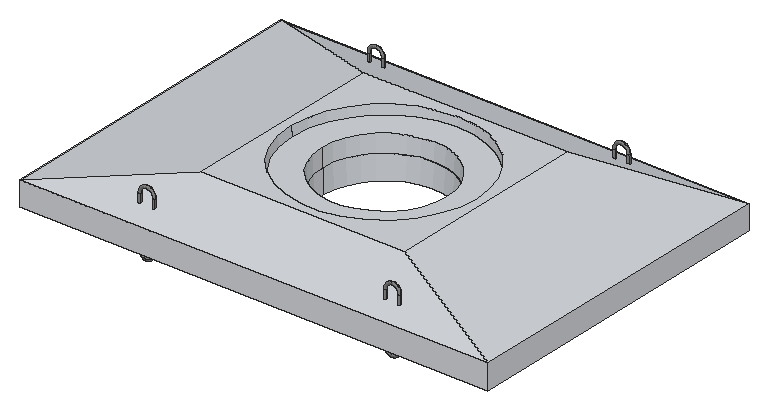
Revit family "110402-00001 Плита разгрузочная для ККСр-3 ОП-1-У", category Обобщенные модели, Revit 2019
Family settings
  Может служить основой для арматурных стержней = Нет
  Размер круглого соединителя = Использовать диаметр
  Тип детали = Нормальный
  На основе рабочей плоскости = Нет
  Всегда вертикально = Да
  При загрузке вырезать с полостями = Нет
  Общий = Нет
  Точка расчета площади = Нет
Parameters (values of type "Плита разгрузочная для ККСр-3 "ОП-1-У" (В25)")
  ADSK_Ширина [instance] = 2300 mm
  ADSK_Ссылка на сайт = "https://www.ssd.ru/plita-razgruzochnaya-dlya-kksr-3-quot-op-1-u-quot-v25"
  ADSK_Сертификат соответствия = "https://www.ssd.ru/upload/iblock/ec0/sert_b25_0221.pdf"
  ADSK_Наименование = "Плита разгрузочная для ККСр-3 \"ОП-1-У\" (В25)"
  ADSK_Масса = "1570"
  ADSK_Марка бетона = "В25"
  ADSK_Марка = "ККСр-3 \"ОП-1-У\" (В25)"
  ADSK_Код изделия = "110402-00097"
  ADSK_Изготовитель = "АО СВЯЗЬСТРОЙДЕТАЛЬ"
  ADSK_Длина1 [instance] = 250 mm
  ADSK_Длина [instance] = 1600 mm
  ADSK_Высота [instance] = 120 mm
Types (3, lengths in mm): name | ADSK_Ссылка на сайт | ADSK_Сертификат соответствия | ADSK_Наименование | ADSK_Марка бетона | ADSK_Марка | ADSK_Код изделия
  (no name) | "https://www.ssd.ru/plita-razgruzochnaya-dlya-kksr-3-quot-op-1-u-quot-v25" | "https://www.ssd.ru/upload/iblock/ec0/sert_b25_0221.pdf" | "Плита разгрузочная для ККСр-3 \"ОП-1-У\" (В25)" | "В25" | "ККСр-3 \"ОП-1-У\" (В25)" | "110402-00097"
  Плита разгрузочная для ККСр-1,ККСр-2 "ОП-1к-У" | "https://www.ssd.ru/plita-opornaya-op-1-u" | "https://www.ssd.ru/upload/iblock/83a/sert_b20_0221.pdf" | "Плита разгрузочная для ККСр-3 \"ОП-1-У\"" | "В20" | "ККСр-3 \"ОП-1-У\"" | "110402-00001"
  Плита разгрузочная для ККСр-3 "ОП-1-У" (В25) | "https://www.ssd.ru/plita-razgruzochnaya-dlya-kksr-3-quot-op-1-u-quot-v25" | "https://www.ssd.ru/upload/iblock/ec0/sert_b25_0221.pdf" | "Плита разгрузочная для ККСр-3 \"ОП-1-У\" (В25)" | "В25" | "ККСр-3 \"ОП-1-У\" (В25)" | "110402-00097"
Reference planes
  plane 1 "По центру (Вперед/Назад)": y = 0
  plane 2: z = 0
  plane 3 "По центру (Влево/Вправо)": x = 0
  plane 4: x = -1150
  plane 5: x = 1150
  plane 6: y = 800
  plane 7: y = -800
  plane 8: z = 120
  plane 9: z = 250
  plane 10: z = 0
  plane 11: z = 205
Forms (mm)
  Extrusion 1, solid
    sketch origin (0, 0, 0) x (1, 0, 0) y (0, 1, 0)
      loop
        line (-1150, 800) -> (-1150, -800) -> (1150, -800) -> (1150, 800) -> (-1150, 800)
    from 0 to 120
  Blend 2, solid
    base sketch origin (0, 0, 0) x (1, 0, 0) y (0, 1, 0)
      loop
        line (-1150, 800) -> (-1150, -800) -> (1150, -800) -> (1150, 800) -> (-1150, 800)
    top sketch origin (0, 0, 0) x (1, 0, 0) y (0, 1, 0)
      loop
        line (500, 500) -> (-500, 500) -> (-500, -500) -> (500, -500) -> (500, 500)
    from 120 to 250
  Blend 3, void
    base sketch origin (0, 0, 0) x (1, 0, 0) y (0, 1, 0)
      loop
        circle (0, 0) r 452.5
    top sketch origin (0, 0, 0) x (1, 0, 0) y (0, 1, 0)
      loop
        circle (0, 0) r 457.5
    from 205 to 250
  Blend 4, void
    base sketch origin (0, 0, 0) x (1, 0, 0) y (0, 1, 0)
      loop
        circle (0, 0) r 300
    top sketch origin (0, 0, 0) x (1, 0, 0) y (0, 1, 0)
      loop
        circle (0, 0) r 310
    from 0 to 250
  Sweep 5, solid, material "Новый материал (по умолчанию)", detail levels fine
    path origin (1609, 0, 0) x (-1, 0, 0) y (0, 0, -1)
      loop
        line (1040, 0) -> (1040, 45)
        arc (1040, 45) -> (1005, 80) -> (970, 45) r 35
        line (970, 45) -> (970, 0)
    profile origin (569, 0, -22.5) x (0, -1, 0) y (1, 0, 0)
      loop
        circle (704, 0) r 6
  Sweep 6, solid, material "Новый материал (по умолчанию)", detail levels fine
    path origin (1609, 0, 0) x (-1, 0, 0) y (0, 0, 1)
      loop
        line (1040, 0) -> (1040, -45)
        arc (1040, -45) -> (1005, -80) -> (970, -45) r 35
        line (970, -45) -> (970, 0)
    profile origin (569, 0, -22.5) x (0, 1, 0) y (-1, 0, 0)
      loop
        circle (704, 0) r 6
  Sweep 7, solid, material "Новый материал (по умолчанию)", detail levels fine
    path origin (-1609, 0, 0) x (1, 0, 0) y (0, 0, -1)
      loop
        line (1040, 0) -> (1040, 45)
        arc (1040, 45) -> (1005, 80) -> (970, 45) r 35
        line (970, 45) -> (970, 0)
    profile origin (-569, 0, -22.5) x (0, -1, 0) y (1, 0, 0)
      loop
        circle (704, 0) r 6
  Sweep 8, solid, material "Новый материал (по умолчанию)", detail levels fine
    path origin (-1609, 0, 0) x (1, 0, 0) y (0, 0, -1)
      loop
        line (1040, 0) -> (1040, 45)
        arc (1040, 45) -> (1005, 80) -> (970, 45) r 35
        line (970, 45) -> (970, 0)
    profile origin (-569, 0, -22.5) x (0, 1, 0) y (-1, 0, 0)
      loop
        circle (704, 0) r 6
  Sweep 9, solid, material "Новый материал (по умолчанию)", detail levels fine
    path origin (1609, 0, 158.292) x (-1, 0, 0) y (0, 0, 1)
      loop
        line (1040, 0) -> (1040, 45)
        arc (1040, 45) -> (1005, 80) -> (970, 45) r 35
        line (970, 45) -> (970, 0)
    profile origin (569, 0, 180.792) x (1, 0, 0) y (0, 1, 0)
      loop
        circle (0, 704) r 6
  Sweep 10, solid, material "Новый материал (по умолчанию)", detail levels fine
    path origin (-1609, 0, 158.292) x (1, 0, 0) y (0, 0, -1)
      loop
        line (1040, 0) -> (1040, -45)
        arc (1040, -45) -> (1005, -80) -> (970, -45) r 35
        line (970, -45) -> (970, 0)
    profile origin (-569, 0, 180.792) x (1, 0, 0) y (0, 1, 0)
      loop
        circle (0, 704) r 6
  Sweep 11, solid, material "Новый материал (по умолчанию)", detail levels fine
    path origin (1609, 0, 158.292) x (-1, 0, 0) y (0, 0, -1)
      loop
        line (1040, 0) -> (1040, -45)
        arc (1040, -45) -> (1005, -80) -> (970, -45) r 35
        line (970, -45) -> (970, 0)
    profile origin (569, 0, 180.792) x (-1, 0, 0) y (0, -1, 0)
      loop
        circle (0, 704) r 6
  Sweep 12, solid, material "Новый материал (по умолчанию)", detail levels fine
    path origin (-1609, 0, 158.292) x (1, 0, 0) y (0, 0, 1)
      loop
        line (1040, 0) -> (1040, 45)
        arc (1040, 45) -> (1005, 80) -> (970, 45) r 35
        line (970, 45) -> (970, 0)
    profile origin (-569, 0, 180.792) x (-1, 0, 0) y (0, -1, 0)
      loop
        circle (0, 704) r 6
Cuts and joins
  Blend 3, Blend 4 cuts Extrusion 1
  Blend 3, Blend 4 cuts Blend 2
Lines and regions (mm)
  reference lines
    curve 1: line (645, 0, 0) -> (563, 0, 0)
    curve 2: line (604, 0, 120) -> (604, 0, 162)
Dimensions and locks
  "ADSK_Ширина": plane 4 to plane 5
  equal spacing: plane 4, plane 3 "По центру (Влево/Вправо)", plane 5
  "ADSK_Длина": plane 6 to plane 7
  equal spacing: plane 6, plane 1 "По центру (Вперед/Назад)", plane 7
  "ADSK_Высота": plane 2 to plane 8
  "ADSK_Длина1": plane 2 to plane 9
  aligned and locked: level to plane 2
  aligned and locked: Extrusion 1 sketch curve to plane 6
  aligned and locked: plane 4 to Extrusion 1 sketch curve
  aligned and locked: Extrusion 1 sketch curve to plane 7
  aligned and locked: plane 5 to Extrusion 1 sketch curve
  aligned and locked: plane 8 to Extrusion 1
  aligned and locked: Extrusion 1 to level
  aligned and locked: Blend 2 sketch curve to Extrusion 1  (x4)
  aligned and locked: plane 9 to Blend 2
  aligned and locked: Blend 2 to Extrusion 1
  aligned and locked: Blend 3 to plane 11
  aligned and locked: plane 9 to Blend 3
  aligned and locked: Blend 4 to level
  aligned and locked: plane 9 to Blend 4
Automatic sketch dimensions
  Blend 2 sketch curve to plane 3 "По центру (Влево/Вправо)" = 500 mm
  plane 3 "По центру (Влево/Вправо)" to Blend 2 sketch curve = 500 mm
  Blend 2 sketch curve to plane 7 = 300 mm
  Blend 2 sketch curve to plane 6 = 300 mm
  plane 1 "По центру (Вперед/Назад)" to Blend 3 sketch curve = 0 mm  (x2)
  Blend 3 sketch curve to plane 3 "По центру (Влево/Вправо)" = 0 mm  (x2)
  plane 1 "По центру (Вперед/Назад)" to Blend 4 sketch curve = 0 mm  (x2)
  Blend 4 sketch curve to plane 3 "По центру (Влево/Вправо)" = 0 mm  (x2)
  Sweep 5 sketch curve to level = 0 mm  (x2)
  Sweep 5 sketch curve to level = 45 mm
  plane 5 to Sweep 5 sketch curve = 511 mm
  Sweep 5 sketch curve to Sweep 5 sketch curve = 35 mm
  Sweep 5 sketch curve to profile plane = 0 mm
  plane 1 "По центру (Вперед/Назад)" to Sweep 5 sketch curve = 704 mm
  curve 1 to level = 0 mm
  curve 2 to plane 8 = 0 mm
  plane 3 "По центру (Влево/Вправо)" to curve 1 = 563 mm
  curve 1 to curve 2 = 41 mm
  curve 1 to curve 1 = 82 mm
  plane 8 to curve 2 = 42 mm
  Sweep 6 sketch curve to level = 0 mm  (x2)
  Sweep 6 sketch curve to level = 45 mm
  plane 5 to Sweep 6 sketch curve = 511 mm
  Sweep 6 sketch curve to Sweep 6 sketch curve = 35 mm
  Sweep 6 sketch curve to profile plane = 0 mm
  profile plane to Sweep 6 sketch curve = 704 mm
  Sweep 7 sketch curve to level = 0 mm  (x2)
  level to Sweep 7 sketch curve = 45 mm
  Sweep 7 sketch curve to plane 4 = 511 mm
  Sweep 7 sketch curve to Sweep 7 sketch curve = 35 mm
  Sweep 7 sketch curve to profile plane = 0 mm
  plane 1 "По центру (Вперед/Назад)" to Sweep 7 sketch curve = 704 mm
  Sweep 8 sketch curve to level = 0 mm  (x2)
  Sweep 8 sketch curve to level = 45 mm
  plane 4 to Sweep 8 sketch curve = 511 mm
  Sweep 8 sketch curve to Sweep 8 sketch curve = 35 mm
  Sweep 8 sketch curve to profile plane = 0 mm
  profile plane to Sweep 8 sketch curve = 704 mm
  Sweep 9 sketch curve to plane 11 = 1.708 mm
  plane 5 to Sweep 9 sketch curve = 511 mm
  Sweep 9 sketch curve to Sweep 9 sketch curve = 35 mm
  plane 8 to Sweep 9 sketch curve = 38.292 mm  (x2)
  Sweep 9 sketch curve to profile plane = 0 mm
  profile plane to Sweep 9 sketch curve = 704 mm
  Sweep 10 sketch curve to plane 11 = 1.708 mm
  plane 4 to Sweep 10 sketch curve = 511 mm
  Sweep 10 sketch curve to Sweep 10 sketch curve = 35 mm
  plane 8 to Sweep 10 sketch curve = 38.292 mm  (x2)
  Sweep 10 sketch curve to profile plane = 0 mm
  profile plane to Sweep 10 sketch curve = 704 mm
  Sweep 11 sketch curve to plane 11 = 1.708 mm
  plane 5 to Sweep 11 sketch curve = 511 mm
  Sweep 11 sketch curve to Sweep 11 sketch curve = 35 mm
  plane 8 to Sweep 11 sketch curve = 38.292 mm  (x2)
  Sweep 11 sketch curve to profile plane = 0 mm
  profile plane to Sweep 11 sketch curve = 704 mm
  Sweep 12 sketch curve to plane 11 = 1.708 mm
  plane 4 to Sweep 12 sketch curve = 511 mm
  Sweep 12 sketch curve to Sweep 12 sketch curve = 35 mm
  plane 8 to Sweep 12 sketch curve = 38.292 mm  (x2)
  Sweep 12 sketch curve to profile plane = 0 mm
  profile plane to Sweep 12 sketch curve = 704 mm
  radius of Blend 3 sketch curve = 452.5 mm
  radius of Blend 3 sketch curve = 457.5 mm
  radius of Blend 4 sketch curve = 300 mm
  radius of Blend 4 sketch curve = 310 mm
  radius of Sweep 5 sketch curve = 6 mm
  radius of Sweep 6 sketch curve = 6 mm
  radius of Sweep 7 sketch curve = 6 mm
  radius of Sweep 8 sketch curve = 6 mm
  radius of Sweep 9 sketch curve = 6 mm
  radius of Sweep 10 sketch curve = 6 mm
  radius of Sweep 11 sketch curve = 6 mm
  radius of Sweep 12 sketch curve = 6 mm
